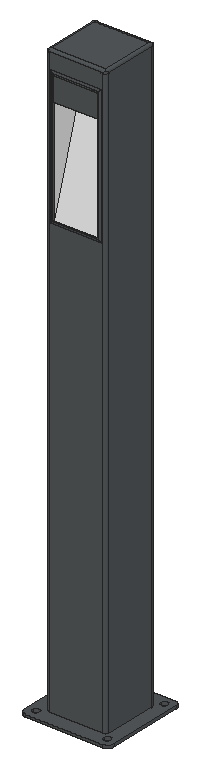
Revit family "svetilnik_alfresco_ar deko_dtu19", category Lighting Fixtures, Revit 2016 (continued)
Definition of nested family "Источник света Ар_Деко"
  Types (5, lengths in mm): name | Photometric Web File | built-in parameter 1150142
       0.2       0.2       0.2       0.2       0.2       0.2\r\n       0.2       0.2       0.2       0.2       0.2       0.2       0.2       0.2\r\n       0.2       0.2       0.2       0.2       0.2       0.2       0.2       0.2\r\n       0.2       0.2       0.2       0.2       0.2       0.2       0.2       0.2\r\n       0.2       0.2       0.2       0.2       0.2       0.2       0.2       0.2\r\n       0.2       0.2       0.2       0.2       0.2       0.2       0.2       0.2\r\n       0.2       0.2       0.2       0.2       0.2       0.2       0.2       0.2\r\n       0.2       0.1       0.1       0.2       0.1       0.1       0.1       0.1\r\n       0.1       0.1       0.0       0.0       0.0\r\n       0.0       0.0       0.2       0.1       0.1       0.1       0.1       0.1\r\n       0.2       0.3       0.2       0.2       0.2       0.2       0.2       0.2\r\n       0.2       0.2       0.2       0.2       0.2       0.3       1.3       3.6\r\n      10.0      17.1      40.0      56.4      68.6      79.0      87.5      97.4\r\n     107.3     118.9     132.1     141.1     157.2     173.8     181.2     191.7\r\n     190.9     190.7     187.8     187.4     184.6     182.9     180.9     176.5\r\n     173.2     170.9     168.8     166.4     163.0     160.2     156.6     153.7\r\n     149.8     145.1     141.7     138.6     135.2     131.5     127.0     123.0\r\n     118.3     114.2     109.5     105.5     101.3      96.5      89.5      79.0\r\n      67.9      58.9      52.7      46.2      40.9      34.4      29.9      23.7\r\n      20.6      15.8      11.1       7.6       3.5       0.5       0.2       0.2\r\n       0.2       0.2       0.2       0.2       0.2       0.2       0.2       0.2\r\n       0.2       0.2       0.2       0.2       0.2       0.2       0.2       0.2\r\n       0.2       0.2       0.2       0.2       0.2       0.2       0.2       0.2\r\n       0.2       0.2       0.2       0.2       0.2       0.2       0.2       0.2\r\n       0.2       0.2       0.2       0.2       0.2       0.2       0.2       0.2\r\n       0.2       0.2       0.2       0.2       0.2       0.2       0.2       0.2\r\n       0.2       0.2       0.2       0.2       0.2       0.2       0.2       0.2\r\n       0.2       0.2       0.2       0.2       0.2       0.2       0.2       0.2\r\n       0.2       0.2       0.2       0.2       0.2       0.2       0.2       0.2\r\n       0.2       0.2       0.2       0.2       0.2       0.2       0.2       0.2\r\n       0.2       0.1       0.1       0.2       0.1       0.1       0.1       0.1\r\n       0.1       0.1       0.0       0.0       0.0\r\n       0.0       0.0       0.2       0.1       0.1       0.1       0.1       0.1\r\n       0.2       0.3       0.2       0.2       0.2       0.2       0.2       0.2\r\n       0.2       0.2       0.2       0.2       0.2       0.2       0.3       0.3\r\n       1.2       3.5      10.6      18.6      38.5      49.6      59.8      69.8\r\n      81.6      92.1     100.2     110.6     122.2     135.2     152.3     162.8\r\n     169.4     176.4     182.5     181.1     180.5     177.5     174.8     173.6\r\n     170.0     166.8     162.3     157.9     154.0     150.7     148.2     144.8\r\n     140.2     135.8     132.5     129.1     125.9     122.0     117.4     113.3\r\n     109.1     104.7     100.7      96.8      92.7      88.3      83.3      78.3\r\n      71.0      61.1      51.7      44.9      38.4      33.5      27.6      24.0\r\n      19.0      15.7      11.3       7.5       4.7       1.7       0.4       0.2\r\n       0.2       0.2       0.2       0.2       0.2       0.2       0.2       0.2\r\n       0.2       0.2       0.2       0.2       0.2       0.2       0.2       0.2\r\n       0.2       0.2       0.2       0.2       0.2       0.2       0.2       0.2\r\n       0.2       0.2       0.2       0.2       0.2       0.2       0.2       0.2\r\n       0.2       0.2       0.2       0.2       0.2       0.2       0.2       0.2\r\n       0.2       0.2       0.2       0.2       0.2       0.2       0.2       0.2\r\n       0.2       0.2       0.2       0.2       0.2       0.2       0.2       0.2\r\n       0.2       0.2       0.2       0.2       0.2       0.2       0.2       0.2\r\n       0.2       0.2       0.2       0.2       0.2       0.2       0.2       0.2\r\n       0.2       0.2       0.2       0.2       0.2       0.2       0.2       0.2\r\n       0.2       0.1       0.1       0.2       0.1       0.1       0.1       0.1\r\n       0.1       0.1       0.0       0.0       0.0\r\n       0.0       0.0       0.2       0.1       0.1       0.1       0.1       0.1\r\n       0.2       0.3       0.2       0.2       0.2       0.2       0.2       0.2\r\n       0.2       0.2       0.2       0.2       0.2       0.2       0.2       0.2\r\n       0.2       0.6       1.2       2.3       6.1      21.1      31.6      40.6\r\n      54.9      66.2      76.5      82.7      90.2      99.3     108.0     114.3\r\n     116.9     126.4     129.4     127.7     125.0     123.2     119.6     117.0\r\n     115.0     113.8     111.1     110.3     111.3     111.6     110.2     108.3\r\n     106.7     105.5     103.0     100.2      97.3      94.0      91.5      88.4\r\n      85.1      81.9      78.8      75.6      71.8      68.2      64.4      60.2\r\n      56.2      50.2      42.6      34.2      27.7      23.3      19.6      15.3\r\n      12.3       9.0       6.6       3.9       2.2       0.6       0.2       0.2\r\n       0.2       0.2       0.2       0.2       0.2       0.2       0.2       0.2\r\n       0.2       0.2       0.2       0.2       0.2       0.2       0.2       0.2\r\n       0.2       0.2       0.2       0.2       0.2       0.2       0.2       0.2\r\n       0.2       0.2       0.2       0.2       0.2       0.2       0.2       0.2\r\n       0.2       0.2       0.2       0.2       0.2       0.2       0.2       0.2\r\n       0.2       0.2       0.2       0.2       0.2       0.2       0.2       0.2\r\n       0.2       0.2       0.2       0.2       0.2       0.2       0.2       0.2\r\n       0.2       0.2       0.2       0.2       0.2       0.2       0.2       0.2\r\n       0.2       0.2       0.2       0.2       0.2       0.2       0.2       0.2\r\n       0.2       0.2       0.2       0.2       0.2       0.2       0.2       0.2\r\n       0.2       0.1       0.1       0.2       0.1       0.1       0.1       0.1\r\n       0.1       0.1       0.0       0.0       0.0\r\n       0.0       0.0       0.2       0.1       0.1       0.1       0.1       0.1\r\n       0.2       0.3       0.2       0.2       0.2       0.2       0.2       0.2\r\n       0.2       0.2       0.2       0.2       0.2       0.2       0.2       0.2\r\n       0.2       0.2       0.2       0.2       0.4       2.5       3.7      10.9\r\n      18.7      24.8      39.3      54.0      61.9      70.8      74.3      78.5\r\n      82.3      87.6      89.2      88.3      87.5      84.5      82.3      80.1\r\n      77.8      76.9      75.9      74.6      72.8      71.9      70.8      68.9\r\n      66.6      65.0      63.5      62.7      61.3      59.3      57.7      55.9\r\n      54.1      52.6      50.3      47.7      45.3      43.3      41.0      38.1\r\n      35.3      32.8      30.2      26.3      20.0      14.6      10.6       7.4\r\n       5.3       3.4       2.0       1.2       0.4       0.2       0.2       0.2\r\n       0.2       0.2       0.2       0.2       0.2       0.2       0.2       0.2\r\n       0.2       0.2       0.2       0.2       0.2       0.2       0.2       0.2\r\n       0.2       0.2       0.2       0.2       0.2       0.2       0.2       0.2\r\n       0.2       0.2       0.2       0.2       0.2       0.2       0.2       0.2\r\n       0.2       0.2       0.2       0.2       0.2       0.2       0.2       0.2\r\n       0.2       0.2       0.2       0.2       0.2       0.2       0.2       0.2\r\n       0.2       0.2       0.2       0.2       0.2       0.2       0.2       0.2\r\n       0.2       0.2       0.2       0.2       0.2       0.2       0.2       0.2\r\n       0.2       0.2       0.2       0.2       0.2       0.2       0.2       0.2\r\n       0.3       0.3       0.2       0.2       0.2       0.2       0.2       0.2\r\n       0.2       0.1       0.1       0.2       0.1       0.1       0.1       0.1\r\n       0.1       0.1       0.0       0.0       0.0\r\n       0.0       0.0       0.2       0.1       0.1       0.1       0.1       0.1\r\n       0.2       0.3       0.2       0.2       0.2       0.2       0.2       0.2\r\n       0.2       0.2       0.2       0.2       0.2       0.2       0.2       0.2\r\n       0.2       0.2       0.2       0.2       0.2       0.2       0.2       1.0\r\n       1.7       5.4      10.8      10.5      17.5      38.3      42.5      44.2\r\n      46.3      48.2      49.8      48.8      45.9      44.1      42.7      42.3\r\n      43.4      43.0      42.0      41.2      41.0      40.0      39.1      38.4\r\n      38.4      39.1      39.1      37.9      36.7      35.9      34.6      33.2\r\n      31.7      30.2      28.7      26.7      25.1      23.7      22.3      20.9\r\n      19.5      18.3      17.2      15.9      14.3      10.5       5.3       3.4\r\n       2.3       1.2       0.5       0.3       0.2       0.2       0.2       0.2\r\n       0.2       0.2       0.2       0.2       0.2       0.2       0.2       0.2\r\n       0.2       0.2       0.2       0.2       0.2       0.2       0.2       0.2\r\n       0.2       0.2       0.2       0.2       0.2       0.2       0.2       0.2\r\n       0.2       0.2       0.2       0.2       0.2       0.2       0.2       0.2\r\n       0.2       0.2       0.2       0.2       0.2       0.2       0.2       0.2\r\n       0.2       0.2       0.2       0.2       0.2       0.2       0.2       0.2\r\n       0.2       0.2       0.2       0.2       0.2       0.2       0.2       0.2\r\n       0.2       0.2       0.2       0.2       0.2       0.2       0.2       0.2\r\n       0.2       0.2       0.2       0.2       0.2       0.2       0.2       0.2\r\n       0.3       0.3       0.2       0.2       0.2       0.2       0.2       0.2\r\n       0.2       0.1       0.1       0.2       0.1       0.1       0.1       0.1\r\n       0.1       0.1       0.0       0.0       0.0\r\n       0.0       0.0       0.2       0.1       0.1       0.1       0.1       0.1\r\n       0.2       0.3       0.2       0.2       0.2       0.2       0.2       0.2\r\n       0.2       0.2       0.2       0.2       0.2       0.2       0.2       0.2\r\n       0.2       0.2       0.2       0.2       0.2       0.2       0.2       0.2\r\n       0.2       0.5       0.9       0.7       1.6       2.6       3.1       2.1\r\n       2.4       3.3       4.8       6.5       8.1       9.6      11.1      12.3\r\n      13.3      13.0      13.1      11.9      10.3       8.4       7.4       7.0\r\n       6.7       5.6       4.5       3.9       3.7       3.6       3.3       2.7\r\n       2.2       1.6       1.0       0.7       0.4       0.4       0.4       0.4\r\n       0.4       0.5       0.5       0.5       0.6       0.5       0.5       0.3\r\n       0.2       0.2       0.2       0.2       0.2       0.2       0.2       0.2\r\n       0.2       0.2       0.2       0.2       0.2       0.2       0.2       0.2\r\n       0.2       0.2       0.2       0.2       0.2       0.2       0.2       0.2\r\n       0.2       0.2       0.2       0.2       0.2       0.2       0.2       0.2\r\n       0.2       0.2       0.2       0.2       0.2       0.2       0.2       0.2\r\n       0.2       0.2       0.2       0.2       0.2       0.2       0.2       0.2\r\n       0.2       0.2       0.2       0.2       0.2       0.2       0.2       0.2\r\n       0.2       0.2       0.2       0.2       0.2       0.2       0.2       0.2\r\n       0.2       0.2       0.2       0.2       0.2       0.2       0.2       0.2\r\n       0.2       0.2       0.2       0.2       0.2       0.2       0.2       0.2\r\n       0.2       0.2       0.2       0.2       0.2       0.2       0.2       0.2\r\n       0.2       0.1       0.1       0.1       0.1       0.1       0.1       0.1\r\n       0.1       0.1       0.0       0.0       0.0\r\n       0.0       0.0       0.2       0.1       0.1       0.1       0.1       0.1\r\n       0.2       0.3       0.2       0.2       0.2       0.2       0.2       0.2\r\n       0.2       0.2       0.2       0.2       0.2       0.2       0.2       0.2\r\n       0.2       0.2       0.2       0.2       0.2       0.2       0.2       0.2\r\n       0.2       0.2       0.2       0.2       0.2       0.2       0.3       0.2\r\n       0.2       0.2       0.3       0.3       0.4       0.4       0.4       0.4\r\n       0.4       0.3       0.3       0.3       0.3       0.3       0.3       0.3\r\n       0.2       0.2       0.2       0.2       0.2       0.2       0.2       0.2\r\n       0.2       0.2       0.2       0.2       0.2       0.2       0.2       0.2\r\n       0.2       0.2       0.2       0.2       0.2       0.2       0.2       0.2\r\n       0.2       0.2       0.2       0.2       0.2       0.2       0.2       0.2\r\n       0.2       0.2       0.2       0.2       0.2       0.2       0.2       0.2\r\n       0.2       0.2       0.2       0.2       0.2       0.2       0.2       0.2\r\n       0.2       0.2       0.2       0.2       0.2       0.2       0.2       0.2\r\n       0.2       0.2       0.2       0.2       0.2       0.2       0.2       0.2\r\n       0.2       0.2       0.2       0.2       0.2       0.2       0.2       0.2\r\n       0.2       0.2       0.2       0.2       0.2       0.2       0.2       0.2\r\n       0.2       0.2       0.2       0.2       0.2       0.2       0.2       0.2\r\n       0.2       0.2       0.2       0.2       0.2       0.2       0.2       0.2\r\n       0.2       0.2       0.2       0.2       0.2       0.2       0.2       0.2\r\n       0.2       0.2       0.2       0.2       0.2       0.2       0.2       0.2\r\n       0.2       0.1       0.1       0.1       0.1       0.1       0.1       0.1\r\n       0.1       0.1       0.0       0.0       0.0\r\n       0.0       0.0       0.1       0.1       0.1       0.1       0.1       0.1\r\n       0.2       0.3       0.2       0.2       0.2       0.2       0.2       0.2\r\n       0.2       0.2       0.2       0.2       0.2       0.2       0.2       0.2\r\n       0.2       0.2       0.2       0.2       0.2       0.2       0.2       0.2\r\n       0.2       0.2       0.2       0.2       0.2       0.2       0.2       0.2\r\n       0.2       0.2       0.2       0.2       0.2       0.2       0.2       0.2\r\n       0.2       0.2       0.2       0.2       0.2       0.2       0.2       0.2\r\n       0.2       0.2       0.2       0.2       0.2       0.2       0.2       0.2\r\n       0.2       0.2       0.2       0.2       0.2       0.2       0.2       0.2\r\n       0.2       0.2       0.2       0.2       0.2       0.2       0.2       0.2\r\n       0.2       0.2       0.2       0.2       0.2       0.2       0.2       0.2\r\n       0.2       0.2       0.2       0.2       0.2       0.2       0.2       0.2\r\n       0.2       0.2       0.2       0.2       0.2       0.2       0.2       0.2\r\n       0.2       0.2       0.2       0.2       0.2       0.2       0.2       0.2\r\n       0.2       0.2       0.2       0.2       0.2       0.2       0.2       0.2\r\n       0.2       0.2       0.2       0.2       0.2       0.2       0.2       0.2\r\n       0.2       0.2       0.2       0.2       0.2       0.2       0.2       0.2\r\n       0.2       0.2       0.2       0.2       0.2       0.2       0.2       0.2\r\n       0.2       0.2       0.2       0.2       0.2       0.2       0.2       0.2\r\n       0.2       0.2       0.2       0.2       0.2       0.2       0.2       0.2\r\n       0.2       0.2       0.2       0.2       0.2       0.2       0.2       0.2\r\n       0.2       0.1       0.1       0.1       0.1       0.1       0.1       0.1\r\n       0.1       0.1       0.0       0.0       0.0\r\n       0.0       0.0       0.1       0.1       0.1       0.1       0.1       0.1\r\n       0.2       0.3       0.2       0.2       0.2       0.2       0.2       0.2\r\n       0.2       0.2       0.2       0.2       0.2       0.2       0.2       0.2\r\n       0.2       0.2       0.2       0.2       0.2       0.2       0.2       0.2\r\n       0.2       0.2       0.2       0.2       0.2       0.2       0.2       0.2\r\n       0.2       0.2       0.2       0.2       0.2       0.2
             0.2       0.2\r\n       0.2       0.2       0.2       0.2       0.2       0.2       0.2       0.2\r\n       0.2       0.2       0.2       0.2       0.2       0.2       0.2       0.2\r\n       0.2       0.2       0.2       0.2       0.2       0.2       0.2       0.2\r\n       0.2       0.2       0.2       0.2       0.2       0.2       0.2       0.2\r\n       0.2       0.2       0.2       0.2       0.2       0.2       0.2       0.2\r\n       0.2       0.2       0.2       0.2       0.2       0.2       0.2       0.2\r\n       0.2       0.2       0.2       0.2       0.2       0.2       0.2       0.2\r\n       0.2       0.2       0.2       0.2       0.2       0.2       0.2       0.2\r\n       0.2       0.2       0.2       0.2       0.2       0.2       0.2       0.2\r\n       0.2       0.2       0.2       0.2       0.2       0.2       0.2       0.2\r\n       0.2       0.2       0.2       0.2       0.2       0.2       0.2       0.2\r\n       0.2       0.2       0.2       0.2       0.2       0.2       0.2       0.2\r\n       0.2       0.2       0.2       0.2       0.2       0.2       0.2       0.2\r\n       0.2       0.2       0.2       0.2       0.2       0.2       0.2       0.2\r\n       0.2       0.2       0.2       0.2       0.2       0.2       0.2       0.2\r\n       0.2       0.1       0.1       0.1       0.1       0.1       0.1       0.1\r\n       0.1       0.1       0.0       0.0       0.0\r\n       0.0       0.0       0.1       0.1       0.1       0.1       0.1       0.1\r\n       0.2       0.3       0.2       0.2       0.2       0.2       0.2       0.2\r\n       0.2       0.2       0.2       0.2       0.2       0.2       0.2       0.2\r\n       0.2       0.2       0.2       0.2       0.2       0.2       0.2       0.2\r\n       0.2       0.2       0.2       0.2       0.2       0.2       0.2       0.2\r\n       0.2       0.2       0.2       0.2       0.2       0.2       0.2       0.2\r\n       0.2       0.2       0.2       0.2       0.2       0.2       0.2       0.2\r\n       0.2       0.2       0.2       0.2       0.2       0.2       0.2       0.2\r\n       0.2       0.2       0.2       0.2       0.2       0.2       0.2       0.2\r\n       0.2       0.2       0.2       0.2       0.2       0.2       0.2       0.2\r\n       0.2       0.2       0.2       0.2       0.2       0.2       0.2       0.2\r\n       0.2       0.2       0.2       0.2       0.2       0.2       0.2       0.2\r\n       0.2       0.2       0.2       0.2       0.2       0.2       0.2       0.2\r\n       0.2       0.2       0.2       0.2       0.2       0.2       0.2       0.2\r\n       0.2       0.2       0.2       0.2       0.2       0.2       0.2       0.2\r\n       0.2       0.2       0.2       0.2       0.2       0.2       0.2       0.2\r\n       0.2       0.2       0.2       0.2       0.2       0.2       0.2       0.2\r\n       0.2       0.2       0.2       0.2       0.2       0.2       0.2       0.2\r\n       0.2       0.2       0.2       0.2       0.2       0.2       0.2       0.2\r\n       0.2       0.2       0.2       0.2       0.2       0.2       0.2       0.2\r\n       0.2       0.2       0.2       0.2       0.2       0.2       0.2       0.2\r\n       0.2       0.1       0.1       0.1       0.1       0.1       0.1       0.1\r\n       0.1       0.1       0.0       0.0       0.0\r\n       0.0       0.0       0.1       0.1       0.1       0.1       0.1       0.1\r\n       0.2       0.3       0.2       0.2       0.2       0.2       0.2       0.2\r\n       0.2       0.2       0.2       0.2       0.2       0.2       0.2       0.2\r\n       0.2       0.2       0.2       0.2       0.2       0.2       0.2       0.2\r\n       0.3       0.2       0.2       0.2       0.2       0.2       0.2       0.2\r\n       0.2       0.2       0.3       0.2       0.2       0.2       0.2       0.2\r\n       0.2       0.2       0.2       0.2       0.2       0.2       0.2       0.2\r\n       0.2       0.2       0.2       0.2       0.2       0.2       0.3       0.2\r\n       0.2       0.2       0.2       0.2       0.2       0.2       0.2       0.2\r\n       0.2       0.2       0.2       0.2       0.2       0.2       0.2       0.2\r\n       0.2       0.2       0.2       0.2       0.2       0.2       0.2       0.2\r\n       0.2       0.2       0.2       0.2       0.2       0.2       0.2       0.2\r\n       0.2       0.2       0.2       0.2       0.2       0.2       0.2       0.2\r\n       0.2       0.2       0.2       0.2       0.2       0.2       0.2       0.2\r\n       0.2       0.2       0.2       0.2       0.2       0.2       0.2       0.2\r\n       0.2       0.2       0.2       0.2       0.2       0.2       0.2       0.2\r\n       0.2       0.2       0.2       0.2       0.2       0.2       0.2       0.2\r\n       0.2       0.2       0.2       0.2       0.2       0.2       0.2       0.2\r\n       0.2       0.2       0.2       0.2       0.2       0.2       0.2       0.2\r\n       0.2       0.2       0.2       0.2       0.2       0.2       0.2       0.2\r\n       0.2       0.2       0.2       0.2       0.2       0.2       0.2       0.2\r\n       0.2       0.1       0.1       0.1       0.1       0.1       0.1       0.1\r\n       0.1       0.1       0.0       0.0       0.0\r\n       0.0       0.0       0.1       0.1       0.1       0.1       0.1       0.1\r\n       0.2       0.3       0.2       0.2       0.2       0.2       0.2       0.2\r\n       0.2       0.2       0.2       0.2       0.2       0.2       0.2       0.2\r\n       0.2       0.2       0.2       0.2       0.2       0.2       0.2       0.2\r\n       0.2       0.2       0.2       0.2       0.2       0.3       0.3       0.2\r\n       0.2       0.2       0.2       0.4       0.3       0.2       0.2       0.2\r\n       0.2       0.2       0.2       0.2       0.2       0.2       0.2       0.2\r\n       0.2       0.2       0.2       0.2       0.2       0.2       0.2       0.2\r\n       0.2       0.2       0.2       0.2       0.2       0.2       0.2       0.2\r\n       0.2       0.2       0.2       0.2       0.2       0.2       0.2       0.2\r\n       0.2       0.2       0.2       0.2       0.2       0.2       0.2       0.2\r\n       0.2       0.2       0.2       0.2       0.2       0.2       0.2       0.2\r\n       0.2       0.2       0.2       0.2       0.2       0.2       0.2       0.2\r\n       0.2       0.2       0.2       0.2       0.2       0.2       0.2       0.2\r\n       0.2       0.2       0.2       0.2       0.2       0.3       0.2       0.2\r\n       0.2       0.2       0.2       0.2       0.2       0.2       0.2       0.2\r\n       0.2       0.2       0.2       0.2       0.2       0.2       0.2       0.2\r\n       0.2       0.2       0.2       0.2       0.2       0.2       0.2       0.2\r\n       0.2       0.2       0.2       0.2       0.2       0.2       0.2       0.2\r\n       0.2       0.2       0.2       0.2       0.2       0.2       0.2       0.2\r\n       0.2       0.2       0.2       0.2       0.2       0.2       0.2       0.2\r\n       0.2       0.1       0.1       0.1       0.1       0.1       0.1       0.1\r\n       0.1       0.1       0.0       0.0       0.0\r\n       0.0       0.0       0.1       0.1       0.1       0.1       0.1       0.1\r\n       0.2       0.3       0.2       0.2       0.2       0.2       0.2       0.2\r\n       0.2       0.2       0.2       0.2       0.2       0.2       0.2       0.2\r\n       0.2       0.2       0.2       0.2       0.2       0.2       0.2       0.2\r\n       0.2       0.2       0.2       0.2       0.2       0.3       0.2       0.2\r\n       0.2       0.2       0.2       0.3       0.2       0.2       0.2       0.2\r\n       0.2       0.2       0.2       0.2       0.2       0.2       0.2       0.2\r\n       0.2       0.2       0.2       0.2       0.2       0.2       0.2       0.2\r\n       0.2       0.2       0.2       0.2       0.2       0.2       0.2       0.2\r\n       0.2       0.2       0.2       0.2       0.2       0.2       0.2       0.2\r\n       0.2       0.2       0.2       0.2       0.2       0.2       0.2       0.2\r\n       0.2       0.2       0.2       0.2       0.2       0.2       0.2       0.2\r\n       0.2       0.2       0.2       0.2       0.2       0.2       0.2       0.2\r\n       0.2       0.2       0.2       0.2       0.2       0.2       0.2       0.2\r\n       0.2       0.2       0.2       0.2       0.2       0.4       0.2       0.2\r\n       0.2       0.2       0.2       0.2       0.2       0.2       0.2       0.2\r\n       0.2       0.2       0.2       0.2       0.2       0.2       0.2       0.2\r\n       0.2       0.2       0.2       0.2       0.2       0.2       0.2       0.2\r\n       0.2       0.2       0.2       0.2       0.2       0.2       0.2       0.2\r\n       0.2       0.2       0.2       0.2       0.2       0.2       0.2       0.2\r\n       0.2       0.2       0.2       0.2       0.2       0.2       0.2       0.2\r\n       0.2       0.1       0.1       0.1       0.1       0.1       0.1       0.1\r\n       0.1       0.1       0.0       0.0       0.0\r\n       0.0       0.0       0.1       0.1       0.1       0.1       0.1       0.1\r\n       0.2       0.2       0.2       0.2       0.2       0.2       0.2       0.2\r\n       0.2       0.2       0.2       0.2       0.2       0.2       0.2       0.2\r\n       0.2       0.2       0.2       0.2       0.2       0.2       0.2       0.2\r\n       0.2       0.2       0.2       0.2       0.2       0.2       0.2       0.2\r\n       0.2       0.2       0.2       0.2       0.2       0.2       0.2       0.2\r\n       0.2       0.2       0.2       0.2       0.2       0.2       0.2       0.2\r\n       0.2       0.2       0.2       0.2       0.2       0.2       0.2       0.2\r\n       0.2       0.2       0.2       0.2       0.2       0.2       0.2       0.2\r\n       0.2       0.2       0.2       0.2       0.2       0.2       0.2       0.2\r\n       0.2       0.2       0.2       0.2       0.2       0.2       0.2       0.2\r\n       0.2       0.2       0.2       0.2       0.2       0.2       0.2       0.2\r\n       0.2       0.2       0.2       0.2       0.2       0.2       0.2       0.2\r\n       0.2       0.2       0.2       0.2       0.2       0.2       0.2       0.2\r\n       0.2       0.2       0.2       0.2       0.2       0.2       0.2       0.2\r\n       0.2       0.2       0.2       0.2       0.2       0.2       0.2       0.2\r\n       0.2       0.2       0.2       0.2       0.2       0.2       0.2       0.2\r\n       0.2       0.2       0.2       0.2       0.2       0.2       0.2       0.2\r\n       0.2       0.2       0.2       0.2       0.2       0.2       0.2       0.2\r\n       0.2       0.2       0.2       0.2       0.2       0.2       0.2       0.2\r\n       0.2       0.2       0.2       0.2       0.2       0.2       0.2       0.2\r\n       0.2       0.1       0.1       0.1       0.1       0.1       0.1       0.1\r\n       0.1       0.1       0.0       0.0       0.0\r\n       0.0       0.0       0.1       0.1       0.1       0.1       0.1       0.1\r\n       0.2       0.2       0.2       0.2       0.2       0.2       0.2       0.2\r\n       0.2       0.2       0.2       0.2       0.2       0.2       0.2       0.2\r\n       0.2       0.2       0.2       0.2       0.2       0.2       0.2       0.2\r\n       0.2       0.2       0.2       0.2       0.2       0.2       0.2       0.2\r\n       0.2       0.2       0.2       0.2       0.2       0.2       0.2       0.2\r\n       0.2       0.2       0.2       0.2       0.2       0.2       0.2       0.2\r\n       0.2       0.2       0.2       0.2       0.2       0.2       0.2       0.2\r\n       0.2       0.2       0.2       0.2       0.2       0.2       0.2       0.2\r\n       0.2       0.2       0.2       0.2       0.2       0.2       0.2       0.2\r\n       0.2       0.2       0.2       0.2       0.2       0.2       0.2       0.2\r\n       0.2       0.2       0.2       0.2       0.2       0.2       0.2       0.2\r\n       0.2       0.2       0.2       0.2       0.2       0.2       0.2       0.2\r\n       0.2       0.2       0.2       0.2       0.2       0.2       0.2       0.2\r\n       0.2       0.2       0.2       0.2       0.2       0.2       0.2       0.2\r\n       0.2       0.2       0.2       0.2       0.2       0.2       0.2       0.2\r\n       0.2       0.2       0.2       0.2       0.2       0.2       0.2       0.2\r\n       0.2       0.2       0.2       0.2       0.2       0.2       0.2       0.2\r\n       0.2       0.2       0.2       0.2       0.2       0.2       0.2       0.2\r\n       0.2       0.2       0.2       0.2       0.2       0.2       0.2       0.2\r\n       0.2       0.2       0.2       0.2       0.2       0.2       0.2       0.2\r\n       0.2       0.1       0.1       0.1       0.1       0.1       0.1       0.1\r\n       0.1       0.1       0.0       0.0       0.0\r\n       0.0       0.0       0.1       0.1       0.1       0.1       0.1       0.1\r\n       0.2       0.2       0.2       0.2       0.2       0.2       0.2       0.2\r\n       0.2       0.2       0.2       0.2       0.2       0.2       0.2       0.2\r\n       0.2       0.2       0.2       0.2       0.2       0.2       0.2       0.2\r\n       0.2       0.2       0.2       0.2       0.2       0.2       0.2       0.2\r\n       0.2       0.2       0.2       0.2       0.2       0.2       0.2       0.2\r\n       0.2       0.2       0.2       0.2       0.2       0.2       0.2       0.2\r\n       0.2       0.2       0.2       0.2       0.2       0.2       0.2       0.2\r\n       0.2       0.2       0.2       0.2       0.2       0.2       0.2       0.2\r\n       0.2       0.2       0.2       0.2       0.2       0.2       0.2       0.2\r\n       0.2       0.2       0.2       0.2       0.2       0.2       0.2       0.2\r\n       0.2       0.2       0.2       0.2       0.2       0.2       0.2       0.2\r\n       0.2       0.2       0.2       0.2       0.2       0.2       0.2       0.2\r\n       0.2       0.2       0.2       0.2       0.2       0.2       0.2       0.2\r\n       0.2       0.2       0.2       0.2       0.2       0.2       0.2       0.2\r\n       0.2       0.2       0.2       0.2       0.2       0.2       0.2       0.2\r\n       0.2       0.2       0.2       0.2       0.2       0.2       0.2       0.2\r\n       0.2       0.2       0.2       0.2       0.2       0.2       0.2       0.2\r\n       0.2       0.2       0.2       0.2       0.2       0.2       0.2       0.2\r\n       0.2       0.2       0.2       0.2       0.2       0.2       0.2       0.2\r\n       0.2       0.2       0.2       0.2       0.2       0.2       0.2       0.2\r\n       0.2       0.1       0.1       0.1       0.1       0.1       0.1       0.1\r\n       0.1       0.1       0.0       0.0       0.0\r\n       0.0       0.0       0.1       0.1       0.1       0.1       0.1       0.1\r\n       0.2       0.2       0.2       0.2       0.2       0.2       0.2       0.2\r\n       0.2       0.2       0.2       0.2       0.2       0.2       0.2       0.2\r\n       0.2       0.2       0.2       0.2       0.2       0.2       0.2       0.2\r\n       0.2       0.2       0.2       0.2       0.2       0.2       0.2       0.2\r\n       0.2       0.2       0.2       0.2       0.2       0.2       0.2       0.2\r\n       0.2       0.2       0.2       0.2       0.2       0.2       0.2       0.2\r\n       0.2       0.2       0.2       0.2       0.2       0.2       0.2       0.2\r\n       0.2       0.2       0.2       0.2       0.2       0.2       0.2       0.2\r\n       0.2       0.2       0.2       0.2       0.2       0.2       0.2       0.2\r\n       0.2       0.2       0.2       0.2       0.2       0.2       0.2       0.2\r\n       0.2       0.2       0.2       0.2       0.2       0.2       0.2       0.2\r\n       0.2       0.2       0.2       0.2       0.2       0.2       0.2       0.2\r\n       0.2       0.2       0.2       0.2       0.2       0.2       0.2       0.2\r\n       0.2       0.2       0.2       0.2       0.2       0.2       0.2       0.2\r\n       0.2       0.2       0.2       0.2       0.2       0.2       0.2       0.2\r\n       0.2       0.2       0.2       0.2       0.2       0.2       0.2       0.2\r\n       0.2       0.2       0.2       0.2       0.2       0.2       0.2       0.2\r\n       0.2       0.2       0.2       0.2       0.2       0.2       0.2       0.2\r\n       0.2       0.2       0.2       0.2       0.2       0.2    
